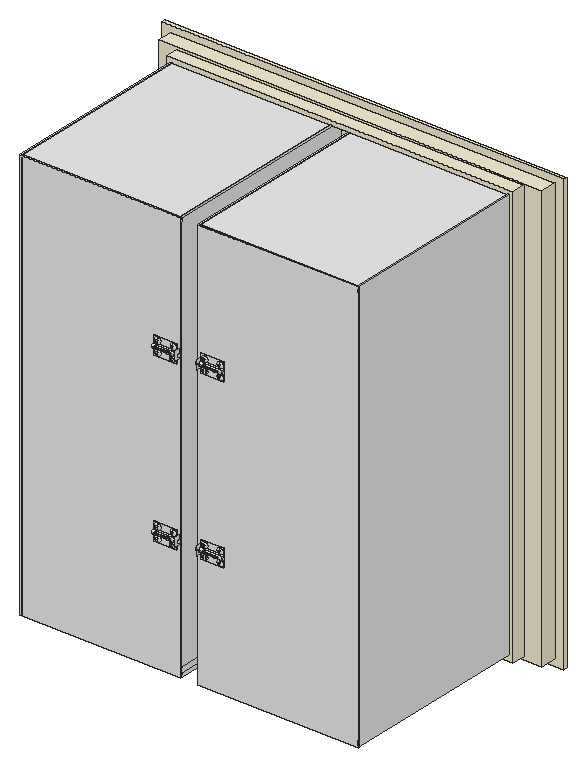
Revit family "Mailboxes_4C-Salsbury_Industries-Rear_Load-9_Door_High_Units", category Specialty Equipment, host Wall, Revit 2016
Family settings
  Host = Wall
  Part Type = Normal
  Round Connector Dimension = Use Diameter
  OmniClass Number = 23.40.90.14.11
  OmniClass Title = Mail Boxes
  Always vertical = Yes
  Cut with Voids When Loaded = No
  Shared = No
  Room Calculation Point = No
Parameters (values of type "3709D-16 RL")
  Width = 31.09766"
  URL = "www.mailboxes.com"
  OmniClass 23 Title = "Mail Boxes"
  OmniClass 23 Number = "23.40.90.14.11"
  Latch Locks-Right Side = yes
  Visible Door Number [instance] = yes
  Vertical Center Divider = yes
  Version = "3.0 (06/30/17)"
  Type Comments = "4C Standard Horizontal Mailbox - Rear Loading"
  Top Back Plate = no
  Right Inside Wall = yes
  Model = "3709D-16 RL"
  MasterFormat Title = "Postal Specialties"
  MasterFormat Number = "10 55 00"
  Manufacturer = "Salsbury Industries"
  Lock Material = Stainless Steel - Salsbury Finish -  Polished
  Left Inside Wall = yes
  Latch Locks-Left Side = yes
  Latch Distance = 9.515"
  Latch Alignment = 14.857"
  Keynote = ""
  Height = 34.000"
  Front Panel Material [instance] = Paint - Salsbury Finish - Sandstone
  Door Slot R9 Number [instance] = "16"
  Door Slot R9 = 3700 Series 4C Door Configurations : MB1 Door w/ Divider
  Door Slot R8 Number [instance] = "15"
  Door Slot R8 = 3700 Series 4C Door Configurations : MB1 Door w/ Divider
  Door Slot R7 Number [instance] = "14"
  Door Slot R7 = 3700 Series 4C Door Configurations : MB1 Door w/ Divider
  Door Slot R6 Number [instance] = "13"
  Door Slot R6 = 3700 Series 4C Door Configurations : MB1 Door w/ Divider
  Door Slot R5 Number [instance] = "0"
  Door Slot R5 = 3700 Series 4C OM2 Configuration : OM2-RL
  Door Slot R4 Number [instance] = "0"
  Door Slot R4 = 3700 Series 4C Door Configurations : Empty
  Door Slot R3 Number [instance] = "12"
  Door Slot R3 = 3700 Series 4C Door Configurations : MB1 Door w/ Divider
  Door Slot R2 Number [instance] = "11"
  Door Slot R2 = 3700 Series 4C Door Configurations : MB1 Door w/ Divider
  Door Slot R1 Number [instance] = "10"
  Door Slot R1 = 3700 Series 4C Door Configurations : MB1 Door
  Door Slot L9 Number [instance] = "9"
  Door Slot L9 = 3700 Series 4C Door Configurations : MB1 Door w/ Divider
  Door Slot L8 Number [instance] = "8"
  Door Slot L8 = 3700 Series 4C Door Configurations : MB1 Door w/ Divider
  Door Slot L7 Number [instance] = "7"
  Door Slot L7 = 3700 Series 4C Door Configurations : MB1 Door w/ Divider
  Door Slot L6 Number [instance] = "6"
  Door Slot L6 = 3700 Series 4C Door Configurations : MB1 Door w/ Divider
  Door Slot L5 Number [instance] = "5"
  Door Slot L5 = 3700 Series 4C Door Configurations : MB1 Door w/ Divider
  Door Slot L4 Number [instance] = "4"
  Door Slot L4 = 3700 Series 4C Door Configurations : MB1 Door w/ Divider
  Door Slot L3 Number [instance] = "3"
  Door Slot L3 = 3700 Series 4C Door Configurations : MB1 Door w/ Divider
  Door Slot L2 Number [instance] = "2"
  Door Slot L2 = 3700 Series 4C Door Configurations : MB1 Door w/ Divider
  Door Slot L1 Number [instance] = "1"
  Door Slot L1 = 3700 Series 4C Door Configurations : MB1 Door
  Description = "9 Door High Unit:  16 MB1, OM2"
  Depth = 17.025"
  Center Extrusion Offset [instance] = 0.000"
  Bottom Back Plate = no
  Back Enclosure Material = Aluminum - Salsbury Finish - Anodized
  Assembly Description = "Mailboxes"
  Assembly Code = "C1030910"
  Above Finished Floor (AFF-Bottom of Unit) [instance] = 26.683"
  Above Finished Floor (AFF-Bottom Shelf) [instance] = 28.000"
Reference planes (in)
  plane 1 "Wall Centerline": y = 0
  plane 2 "Center (Left/Right)": x = 0
  plane 3 "Front": y = 3
  plane 4 "15" AFF": z = 28
  plane 5 "28" AFF": z = 28
  plane 6 "36" AFF": z = 36
  plane 7 "48" AFF": z = 48
  plane 8 "Bottom of Unit": z = 26.683
  plane 9 "Top of Unit": z = 60.683
  plane 10 "Left Side of Unit": x = 15.54883
  plane 11 "Right Side of Unit": x = -15.54883
  plane 12 "28" AFF_Bottom of Unit": z = 26.683
  plane 13 "Top Horiz Trim Align": z = 59.85225
  plane 14 "Bottom Horiz Trim Align": z = 27.515
  plane 15 "Left Trim Align": x = 14.716
  plane 16 "Right Trim Align": x = -14.716
  plane 17 "Left Door Align": x = 14.06641
  plane 18 "Right Door Align": x = -14.06641
  plane 19 "Top Horiz Door Align": z = 59.26125
  plane 20 "Bottom Horiz Door Align": z = 28
  plane 21 "Front Face of Unit": y = 3.265
  plane 22 "Top Housing Align": z = 60.179
  plane 23 "Top Collar Align": z = 60.031
  plane 24 "Top Box Align": z = 59.676
  plane 25 "Vertical Housing Align": y = 1.795
  plane 26 "Vertical Collar Align": y = 0.795
  plane 27 "Back of Unit": y = -13.76
  plane 28 "Bottom Housing Align": z = 27.187
  plane 29 "Bottom Collar Align": z = 27.335
  plane 30 "Bottom Box Align": z = 27.75
  plane 31 "Door Alignment": y = 2.66809
  plane 32 "Right Housing Align": x = -14.84183
  plane 33 "Right Collar Align": x = -13.40883
  plane 34 "Right Box Side Align": x = -13.08083
  plane 35 "Left Housing Align": x = 14.84183
  plane 36 "Left Collar Align": x = 13.40883
  plane 37 "Left Side Box Align": x = 13.08083
  plane 38 "Top Back Plate Align": z = 58.897
  plane 39 "Bottom Back Plate Align": z = 28.499
  plane 40 "Back": y = -3
  plane 41 "RO Left Side": x = 15.17383
  plane 42 "RO Right Side": x = -15.17383
  plane 43 "RO Bottom": z = 27.058
  plane 44 "RO Top": z = 60.308
  plane 45 "Horiz Centerline": z = 42.04237
  plane 46: z = 27.885
  plane 47: x = 12.99983
  plane 48: x = 12.92758
  plane 49 "Center Extrusion": x = 0
  plane 50 "Center Extrusion Offset": x = 0
  plane 51 "Row 9 Top Align": z = 31.5
  plane 52 "Row 8 Top Align": z = 35
  plane 53 "Row 7 Top Align": z = 38.5
  plane 54 "Row 6 Top Align": z = 42
  plane 55 "Row 5 Top Align": z = 45.5
  plane 56 "Row 4 Top Align": z = 49
  plane 57 "Row 3 Top Align": z = 52.5
  plane 58 "Row 2 Top Align": z = 56
  plane 59 "Row 16 Top Align-Private": z = 31.5
  plane 60 "Row 15 Top Align-Private": z = 35
  plane 61 "Row 14 Top Align-Private": z = 38.5
  plane 62 "Row 13 Top Align-Private": z = 42
  plane 63 "Row 12 Top Align-Private": z = 45.5
  plane 64 "Row 11 Top Align-Private": z = 49
  plane 65 "Row 10 Top Align-Private": z = 52.25
  plane 66 "Row 9 Top Align-Private": z = 55.75
  plane 67 "Row 8 Top Align-Private": z = 59.25
  plane 68 "Top of Face Gap": z = 61.25
  plane 69 "Top Latch Align": z = 50.161
  plane 70 "Bottom Latch Align": z = 37.265
  plane 71 "Right Latch Align": x = -0.69183
  plane 72 "Left Latch Align": x = 0.69098
  plane 73 "Latch Alignment Edge": x = -15.54883
  plane 74: x = -12.92783
  plane 75: x = -12.99983
  plane 76: y = -13.84203
  plane 77: x = -2
  plane 78: x = -0.7705
  plane 79: x = 0.7705
  plane 80: x = 2
  plane 81: y = -13.67797
  plane 82: x = -0.69098
  plane 83: x = 0.69183
  plane 84: z = 57.397
  plane 85: z = 29.999
  plane 86: z = 59.31729
  plane 87: z = 28.41625
  plane 88: z = 27.446
  plane 89: z = 28.055
Forms (in)
  Extrusion 1, void
    sketch origin (0, 3, 0) x (1, 0, 0) y (0, 0, 1)
      loop
        line (15.17383, 60.308) -> (-15.17383, 60.308) -> (-15.17383, 27.058) -> (15.17383, 27.058) -> (15.17383, 60.308)
    from 0 to 15.27914
  Extrusion 2, solid, material "Paint - Salsbury Finish - Sandstone" <- "Front Panel Material"
    sketch origin (0, 3, 0) x (1, 0, 0) y (0, 0, 1)
      loop
        line (15.54883, 60.683) -> (-15.54883, 60.683) -> (-15.54883, 26.683) -> (15.54883, 26.683) -> (15.54883, 60.683)
    from -0.265 to 0
  Extrusion 3, void
    sketch origin (0, 3.265, 0.00774) x (0, 0, -1) y (-1, 0, 0)
      loop
        line (-59.84451, -14.716) -> (-27.50726, -14.716) -> (-27.50726, 14.716) -> (-59.84451, 14.716) -> (-59.84451, -14.716)
    from -0.265 to 0
  Extrusion 4, solid, material "Paint - Salsbury Finish - Sandstone" <- "Front Panel Material"
    sketch origin (14.98214, 3.265, -1.67978) x (0, 0, -1) y (-1, 0, 0)
      loop
        line (-61.53203, 29.69814) -> (-61.53203, 29.04855) -> (-29.19478, 29.04855) -> (-29.19478, 29.69814) -> (-61.53203, 29.69814)
    from 0 to -0.265
  Extrusion 5, solid, material "Paint - Salsbury Finish - Sandstone" <- "Front Panel Material"
    sketch origin (0, 3.265, 0) x (0, 0, -1) y (-1, 0, 0)
      loop
        line (-27.515, -14.06641) -> (-27.515, 14.06641) -> (-28, 14.06641) -> (-28, -14.06641) -> (-27.515, -14.06641)
    from -0.265 to 0
  Extrusion 6, solid, material "Paint - Salsbury Finish - Sandstone" <- "Front Panel Material"
    sketch origin (0, 3, 84.08475) x (1, 0, 0) y (0, 0, 1)
      loop
        line (-14.84183, -56.89775) -> (14.84183, -56.89775) -> (14.84183, -23.90575) -> (-14.84183, -23.90575) -> (-14.84183, -56.89775)
    from 0 to 1.205
  Extrusion 7, solid, material "Paint - Salsbury Finish - Sandstone" <- "Front Panel Material"
    sketch origin (0, 1.795, 0) x (0, 0, 1) y (-1, 0, 0)
      loop
        line (27.335, 13.40883) -> (27.335, -13.40883) -> (60.031, -13.40883) -> (60.031, 13.40883) -> (27.335, 13.40883)
    from 0 to 1
  Extrusion 8, void
    sketch origin (0, 1.795, 0) x (0, 0, 1) y (-1, 0, 0)
      loop
        line (59.676, 13.08083) -> (27.75, 13.08083) -> (27.75, -13.08083) -> (59.676, -13.08083) -> (59.676, 13.08083)
    from 0 to 1
  Extrusion 9, solid, material "Paint - Salsbury Finish - Sandstone" <- "Front Panel Material"
    sketch origin (0, 3.265, 0) x (0, 0, -1) y (-1, 0, 0)
      loop
        line (-59.85225, -14.716) -> (-27.515, -14.716) -> (-27.515, -14.06641) -> (-59.85225, -14.06641) -> (-59.85225, -14.716)
    from 0 to -0.265
  Extrusion 10, solid, material "Paint - Salsbury Finish - Sandstone" <- "Front Panel Material"
    sketch origin (0, 3.265, 0) x (0, 0, -1) y (-1, 0, 0)
      loop
        line (-59.85225, -14.06641) -> (-59.26125, -14.06641) -> (-59.26125, 14.06641) -> (-59.85225, 14.06641) -> (-59.85225, -14.06641)
    from -0.265 to 0
  Extrusion 11, void
    sketch origin (0, 1.795, 0) x (0, 0, 1) y (-1, 0, 0)
      loop
        line (60.031, -13.40883) -> (60.031, 13.40883) -> (27.335, 13.40883) -> (27.335, -13.40883) -> (60.031, -13.40883)
    from -1.124 to 0
  Extrusion 12, void
    sketch origin (0, 3, 0) x (1, 0, 0) y (0, 0, 1)
      loop
        line (14.06641, 60.031) -> (-14.06641, 60.031) -> (-14.06641, 27.335) -> (14.06641, 27.335) -> (14.06641, 60.031)
    from 0 to 0.33191
  Extrusion 13, solid, material "Aluminum - Salsbury Finish - Anodized" <- "Back Enclosure Material"
    sketch origin (-0.58189, 1.795, 0) x (0, 0, 1) y (-1, 0, 0)
      loop
        line (59.676, 12.49894) -> (27.75, 12.49894) -> (27.75, 12.41794) -> (59.676, 12.41794) -> (59.676, 12.49894)
    from 0 to 15.47297
  Extrusion 14, solid, material "Aluminum - Salsbury Finish - Anodized" <- "Back Enclosure Material", visible <- "Right Inside Wall"
    sketch origin (11.7675, 1.795, 0) x (0, 0, 1) y (-1, 0, 0)
      loop
        line (59.676, 12.538) -> (27.75, 12.538) -> (27.75, 12.45933) -> (59.676, 12.45933) -> (59.676, 12.538)
    from 0 to 15.47297
  Extrusion 15, solid, material "Aluminum - Salsbury Finish - Anodized" <- "Back Enclosure Material"
    sketch origin (0.54283, 1.795, 0) x (0, 0, 1) y (-1, 0, 0)
      loop
        line (59.676, -12.538) -> (59.676, -12.457) -> (27.75, -12.457) -> (27.75, -12.538) -> (59.676, -12.538)
    from 0 to 15.47297
  Extrusion 16, solid, material "Aluminum - Salsbury Finish - Anodized" <- "Back Enclosure Material", visible <- "Left Inside Wall"
    sketch origin (-11.7675, 1.795, 0) x (0, 0, 1) y (-1, 0, 0)
      loop
        line (59.676, -12.538) -> (59.676, -12.45849) -> (27.75, -12.45849) -> (27.75, -12.538) -> (59.676, -12.538)
    from 0 to 15.47297
  Extrusion 17, solid, material "Aluminum - Salsbury Finish - Anodized" <- "Back Enclosure Material"
    sketch origin (0, -13.76, 0) x (0, 0, 1) y (-1, 0, 0)
      loop
        line (59.676, 13.08083) -> (27.75, 13.08083) -> (27.75, -13.08083) -> (59.676, -13.08083) -> (59.676, 13.08083)
    from -0.08203 to 0
  Extrusion 18, solid, material "Aluminum - Salsbury Finish - Anodized" <- "Back Enclosure Material"
    sketch origin (-0.15625, 0, 59.676) x (0, 1, 0) y (-1, 0, 0)
      loop
        line (1.795, 12.84358) -> (-13.67797, 12.84358) -> (-13.67797, -13.15608) -> (1.795, -13.15608) -> (1.795, 12.84358)
    from -0.35871 to 0
  Extrusion 19, void
    sketch origin (0, 0, 59.676) x (0, 1, 0) y (-1, 0, 0)
      loop
        line (1.7325, 12.93342) -> (-13.61547, 12.93342) -> (-13.61547, -12.92758) -> (1.7325, -12.92758) -> (1.7325, 12.93342)
    from -0.0723 to -0.6459
  Extrusion 20, solid, material "Aluminum - Salsbury Finish - Anodized" <- "Back Enclosure Material"
    sketch origin (0, 0, 15.41625) x (1, 0, 0) y (0, 1, 0)
      loop
        line (-12.99983, 1.795) -> (-12.99983, -13.67797) -> (12.99983, -13.67797) -> (12.99983, 1.795) -> (-12.99983, 1.795)
    from 12.46875 to 13
  Extrusion 21, void
    sketch origin (0, 0, 27.91625) x (1, 0, 0) y (0, 1, 0)
      loop
        line (-12.93342, 1.7325) -> (-12.93342, -13.61547) -> (12.92758, -13.61547) -> (12.92758, 1.7325) -> (-12.93342, 1.7325)
    from 0.13875 to -0.47025
  Extrusion 22, solid, material "Aluminum - Salsbury Finish - Anodized" <- "Back Enclosure Material", visible <- "Top Back Plate", detail levels medium+fine
    sketch origin (0, -13.76, 0) x (0, 0, 1) y (-1, 0, 0)
      loop
        line (58.897, 2) -> (57.397, 2) -> (57.397, -2) -> (58.897, -2) -> (58.897, 2)
    from 0 to 0.08203
  Extrusion 23, solid, material "Aluminum - Salsbury Finish - Anodized" <- "Back Enclosure Material", visible <- "Bottom Back Plate", detail levels medium+fine
    sketch origin (0, -13.76, 84.11475) x (0, 0, -1) y (1, 0, 0)
      loop
        line (55.61575, -2) -> (55.61575, 2) -> (54.11575, 2) -> (54.11575, -2) -> (55.61575, -2)
    from 0 to 0.08203
  Extrusion 24, void
    sketch origin (0, 0, 0) x (0, 0, -1) y (0, 1, 0)
      loop
        line (-59.676, 1.795) -> (-59.676, -13.76) -> (-27.75, -13.76) -> (-27.75, 1.795) -> (-27.515, 1.795) -> (-27.515, 3.265) -> (-59.85225, 3.265) -> (-59.85225, 1.795) -> (-59.676, 1.795)
    from -0.69098 to 0.69183
  Extrusion 25, solid, material "Paint - Salsbury Finish - Sandstone" <- "Front Panel Material", visible <- "Vertical Center Divider"
    sketch origin (-0.77934, 3.265, 0) x (0, 0, -1) y (-1, 0, 0)
      loop
        line (-59.85225, -1.47033) -> (-27.515, -1.47033) -> (-27.515, -0.08752) -> (-59.85225, -0.08752) -> (-59.85225, -1.47033)
    from 0 to -1.47
Cuts and joins
  Extrusion 3, Extrusion 11, Extrusion 24 cuts Extrusion 2
  Extrusion 8, Extrusion 11, Extrusion 12, Extrusion 24 cuts Extrusion 5
  Extrusion 8, Extrusion 12, Extrusion 19, Extrusion 24 cuts Extrusion 7
  Extrusion 11, Extrusion 12, Extrusion 24 cuts Extrusion 10
  Extrusion 11, Extrusion 12 cuts Extrusion 6
  Extrusion 12 cuts Extrusion 4
  Extrusion 12 cuts Extrusion 9
  Extrusion 19, Extrusion 21, Extrusion 24 cuts Extrusion 18
  Extrusion 21, Extrusion 24 cuts Extrusion 20
  Extrusion 24 cuts Extrusion 17
  Extrusion 24 cuts Extrusion 22
  Extrusion 24 cuts Extrusion 23
Lines and regions (in)
  model lines
    curve 1: line (15.54883, 3.265, 60.683) -> (14.716, 3.265, 59.85225)
    curve 2: line (-15.54883, 3.265, 60.683) -> (-14.716, 3.265, 59.85225)
    curve 3: line (-15.54883, 3.265, 26.683) -> (-14.716, 3.265, 27.515)
    curve 4: line (15.54883, 3.265, 26.683) -> (14.716, 3.265, 27.515)
  reference lines
    curve 5: line (-14.06641, 2.66809, 26.683) -> (-14.06641, 2.66809, 60.683)
    curve 6: line (14.06641, 2.66809, 26.683) -> (14.06641, 2.66809, 60.683)
  symbolic lines
    curve 7: line (-13.08083, -13.76, 28) -> (13.08083, -13.76, 28)
    curve 8: line (-13.08083, 0.795, 28) -> (-13.08083, -13.76, 28)
    curve 9: line (13.40883, 0.795, 28) -> (-13.40883, 0.795, 28)
    curve 10: line (13.08083, -13.76, 28) -> (13.08083, 0.795, 28)
    curve 11: line (13.40883, 0.795, 28) -> (13.40883, 1.795, 28)
    curve 12: line (-13.40883, 0.795, 28) -> (-13.40883, 1.795, 28)
    curve 13: line (-14.84183, 3, 28) -> (-14.84183, 1.795, 28)
    curve 14: line (-14.84183, 1.795, 28) -> (14.84183, 1.795, 28)
    curve 15: line (14.84183, 1.795, 28) -> (14.84183, 3, 28)
    curve 16: line (-15.54883, 3.265, 28) -> (15.54883, 3.265, 28)
    curve 17: line (-15.54883, 3, 28) -> (-15.54883, 3.265, 28)
    curve 18: line (15.54883, 3, 28) -> (-15.54883, 3, 28)
    curve 19: line (15.54883, 3.265, 28) -> (15.54883, 3, 28)
    curve 20: line (-14.06641, 3.265, 28) -> (-14.06641, 4.43, 28)
    curve 21: line (-14.06641, 4.43, 28) -> (-0.69183, 4.43, 28)
    curve 22: line (-0.69183, 4.43, 28) -> (-0.69183, 3.265, 28)
Text (in)
  text "Placement Side" at (0, 40.15149, 123.01588), in view "Right"
  text "Placement Side" at (-58.6842, 42.74981, 0), in view "Ref. Level"
  text "Placement Side" at (0, 47.49176, 140.59947), in view "Left"
Dimensions and locks (in)
  locked: plane 3 "Front" to host wall
  "Above Finished Floor (AFF-Bottom Shelf)": level to plane 4 "15" AFF"
  locked: level to plane 5 "28" AFF" at 28
  locked: level to plane 6 "36" AFF" at 36
  locked: level to plane 7 "48" AFF" at 48
  equal spacing: plane 11 "Right Side of Unit", plane 2 "Center (Left/Right)", plane 10 "Left Side of Unit"
  plane 8 "Bottom of Unit" to plane 4 "15" AFF" = 1.317"
  "Width": plane 11 "Right Side of Unit" to plane 10 "Left Side of Unit"
  "Height": plane 8 "Bottom of Unit" to plane 9 "Top of Unit"
  plane 12 "28" AFF_Bottom of Unit" to plane 5 "28" AFF" = 1.317"
  locked: plane 15 "Left Trim Align" to plane 10 "Left Side of Unit" at 0.83283
  locked: plane 16 "Right Trim Align" to plane 11 "Right Side of Unit" at 0.83283
  locked: plane 13 "Top Horiz Trim Align" to plane 9 "Top of Unit" at 0.83075
  locked: plane 8 "Bottom of Unit" to plane 14 "Bottom Horiz Trim Align" at 0.832
  plane 17 "Left Door Align" to plane 15 "Left Trim Align" = 0.64959"
  plane 18 "Right Door Align" to plane 16 "Right Trim Align" = 0.64959"
  locked: plane 19 "Top Horiz Door Align" to plane 13 "Top Horiz Trim Align" at 0.591
  locked: plane 14 "Bottom Horiz Trim Align" to plane 20 "Bottom Horiz Door Align" at 0.485
  plane 20 "Bottom Horiz Door Align" to level = 28.000"
  plane 5 "28" AFF" to level = 28.000"
  plane 6 "36" AFF" to level = 36.000"
  plane 7 "48" AFF" to level = 48.000"
  plane 9 "Top of Unit" to plane 8 "Bottom of Unit" = 34.000"
  plane 21 "Front Face of Unit" to host wall = 0.265"
  locked: host wall to plane 25 "Vertical Housing Align" at 1.205
  locked: plane 25 "Vertical Housing Align" to plane 26 "Vertical Collar Align" at 1
  plane 25 "Vertical Housing Align" to plane 27 "Back of Unit" = 15.555"
  "Depth": plane 21 "Front Face of Unit" to plane 27 "Back of Unit"
  locked: plane 9 "Top of Unit" to plane 22 "Top Housing Align" at 0.504
  locked: plane 22 "Top Housing Align" to plane 23 "Top Collar Align" at 0.148
  locked: plane 23 "Top Collar Align" to plane 24 "Top Box Align" at 0.355
  locked: plane 28 "Bottom Housing Align" to plane 8 "Bottom of Unit" at 0.504
  locked: plane 29 "Bottom Collar Align" to plane 28 "Bottom Housing Align" at 0.148
  locked: plane 30 "Bottom Box Align" to plane 29 "Bottom Collar Align" at 0.415
  plane 24 "Top Box Align" to plane 30 "Bottom Box Align" = 31.926"  (x2)
  locked: plane 21 "Front Face of Unit" to plane 31 "Door Alignment" at 0.59691
  plane 11 "Right Side of Unit" to plane 32 "Right Housing Align" to plane 33 "Right Collar Align" to plane 34 "Right Box Side Align" = 0.707" locked, 1.433" locked, 0.328" locked
  plane 37 "Left Side Box Align" to plane 36 "Left Collar Align" to plane 35 "Left Housing Align" to plane 10 "Left Side of Unit" = 0.328" locked, 1.433" locked, 0.707" locked
  plane 11 "Right Side of Unit" to plane 32 "Right Housing Align" to plane 33 "Right Collar Align" to plane 34 "Right Box Side Align" = 0.707", 1.433", 0.328"
  plane 37 "Left Side Box Align" to plane 36 "Left Collar Align" to plane 35 "Left Housing Align" to plane 10 "Left Side of Unit" = 0.328", 1.433", 0.707"
  plane 9 "Top of Unit" to plane 24 "Top Box Align" = 1.007"
  plane 30 "Bottom Box Align" to plane 8 "Bottom of Unit" = 1.067"
  locked: plane 24 "Top Box Align" to plane 38 "Top Back Plate Align" at 0.779
  locked: plane 39 "Bottom Back Plate Align" to plane 30 "Bottom Box Align" at 0.749
  locked: plane 41 "RO Left Side" to plane 10 "Left Side of Unit" at 0.375
  locked: plane 42 "RO Right Side" to plane 11 "Right Side of Unit" at 0.375
  locked: plane 8 "Bottom of Unit" to plane 43 "RO Bottom" at 0.375
  locked: plane 44 "RO Top" to plane 9 "Top of Unit" at 0.375
  Extrusion 13 to Extrusion 13 = 0.081"
  plane 46 to plane 30 "Bottom Box Align" = 0.135"
  Extrusion 15 to Extrusion 15 = 0.081"
  plane 47 to plane 37 "Left Side Box Align" = 0.081"
  plane 48 to plane 47 = 0.07225"
  plane 18 "Right Door Align" to plane 17 "Left Door Align" = 28.13281"
  "Center Extrusion Offset": plane 49 "Center Extrusion" to plane 50 "Center Extrusion Offset"
  plane 20 "Bottom Horiz Door Align" to plane 51 "Row 9 Top Align" to plane 52 "Row 8 Top Align" to plane 53 "Row 7 Top Align" to plane 54 "Row 6 Top Align" to plane 55 "Row 5 Top Align" to plane 56 "Row 4 Top Align" to plane 57 "Row 3 Top Align" to plane 58 "Row 2 Top Align" = 3.500", 3.500" locked, 3.500" locked, 3.500" locked, 3.500" locked, 3.500" locked, 3.500" locked, 3.500" locked
  plane 4 "15" AFF" to plane 59 "Row 16 Top Align-Private" = 3.500"
  plane 59 "Row 16 Top Align-Private" to plane 60 "Row 15 Top Align-Private" to plane 61 "Row 14 Top Align-Private" to plane 62 "Row 13 Top Align-Private" to plane 63 "Row 12 Top Align-Private" to plane 64 "Row 11 Top Align-Private" to plane 65 "Row 10 Top Align-Private" to plane 66 "Row 9 Top Align-Private" to plane 67 "Row 8 Top Align-Private" = 3.500" locked, 3.500" locked, 3.500" locked, 3.500" locked, 3.500" locked, 3.250" locked, 3.500" locked, 3.500" locked
  locked: plane 67 "Row 8 Top Align-Private" to plane 68 "Top of Face Gap" at 2
  "Above Finished Floor (AFF-Bottom of Unit)": level to plane 8 "Bottom of Unit"
  locked: plane 71 "Right Latch Align" to plane 72 "Left Latch Align" at 1.38281
  "Latch Distance": plane 24 "Top Box Align" to plane 69 "Top Latch Align"
  "Latch Distance": plane 70 "Bottom Latch Align" to plane 30 "Bottom Box Align"
  "Latch Alignment": plane 73 "Latch Alignment Edge" to plane 71 "Right Latch Align"
  curve 15 to curve 19 = 0.707"
  plane 34 "Right Box Side Align" to plane 75 to plane 74 = 0.081", 0.072"
  plane 76 to plane 27 "Back of Unit" = 0.08203"
  plane 27 "Back of Unit" to plane 81 = 0.08203"
  cut or joined group of Extrusion 6, Extrusion 11, Extrusion 12 to Extrusion 25 = 32.66525"
  plane 77 to plane 78 to plane 71 "Right Latch Align" to plane 50 "Center Extrusion Offset" = 1.2295", 0.07867", 0.69183"
  plane 50 "Center Extrusion Offset" to plane 72 "Left Latch Align" to plane 79 to plane 80 = 0.69098", 0.07952", 1.2295"
  plane 82 to plane 49 "Center Extrusion" to plane 83 = 0.69098" locked, 0.69183" locked
  plane 11 "Right Side of Unit" to Extrusion 2 = 31.09766"
  plane 10 "Left Side of Unit" to Extrusion 6 = 30.39066"
  plane 38 "Top Back Plate Align" to plane 84 = 1.500"
  plane 85 to plane 39 "Bottom Back Plate Align" = 1.500"
  plane 4 "15" AFF" to Extrusion 13 = 31.676"
  plane 4 "15" AFF" to Extrusion 14 = 31.676"
  Extrusion 14 to Extrusion 16 = 31.926"
  Extrusion 16 to Extrusion 15 = 31.926"
  locked: plane 86 to plane 24 "Top Box Align" at 0.35871
  plane 14 "Bottom Horiz Trim Align" to plane 87 = 0.90125"
  plane 88 to plane 30 "Bottom Box Align" to plane 89 = 0.304" locked, 0.305" locked
  aligned and locked: plane 8 "Bottom of Unit" to Extrusion 2 sketch curve
  aligned and locked: plane 10 "Left Side of Unit" to Extrusion 2 sketch curve
  aligned and locked: Extrusion 2 sketch curve to plane 11 "Right Side of Unit"
  aligned and locked: Extrusion 2 sketch curve to plane 9 "Top of Unit"
  aligned and locked: plane 21 "Front Face of Unit" to Extrusion 2
  aligned and locked: Extrusion 4 to plane 16 "Right Trim Align"
  aligned and locked: plane 18 "Right Door Align" to Extrusion 4
  aligned and locked: plane 13 "Top Horiz Trim Align" to Extrusion 4
  aligned and locked: Extrusion 5 to plane 14 "Bottom Horiz Trim Align"
  aligned and locked: Extrusion 5 to plane 17 "Left Door Align"
  aligned and locked: plane 20 "Bottom Horiz Door Align" to Extrusion 5
  aligned and locked: Extrusion 5 to plane 18 "Right Door Align"
  aligned and locked: plane 34 "Right Box Side Align" to Extrusion 17 sketch curve
  aligned and locked: Extrusion 17 sketch curve to plane 24 "Top Box Align"
  aligned and locked: Extrusion 17 sketch curve to plane 37 "Left Side Box Align"
  aligned and locked: plane 30 "Bottom Box Align" to Extrusion 17 sketch curve
  aligned and locked: plane 25 "Vertical Housing Align" to Extrusion 18 sketch curve
  aligned and locked: Extrusion 18 sketch curve to plane 47
  aligned and locked: plane 48 to Extrusion 19
  aligned and locked: plane 47 to cut or joined group of Extrusion 18, Extrusion 19, Extrusion 21, Extrusion 24
  aligned and locked: plane 25 "Vertical Housing Align" to Extrusion 20 sketch curve
  aligned and locked: Extrusion 20 sketch curve to plane 47
  aligned and locked: plane 48 to cut or joined group of Extrusion 20, Extrusion 21, Extrusion 24
  aligned and locked: plane 17 "Left Door Align" to cut or joined group of Extrusion 9, Extrusion 12
  aligned and locked: plane 25 "Vertical Housing Align" to Extrusion 25
  aligned and locked: plane 21 "Front Face of Unit" to Extrusion 25
  aligned and locked: nested 1 to plane 58 "Row 2 Top Align"
  aligned and locked: nested 2 to plane 57 "Row 3 Top Align"
  aligned and locked: nested 10 to plane 17 "Left Door Align"
  aligned and locked: nested 10 to plane 58 "Row 2 Top Align"
  aligned and locked: plane 31 "Door Alignment" to nested 10  (x2)
  aligned and locked: nested 11 to plane 17 "Left Door Align"
  aligned and locked: nested 11 to plane 57 "Row 3 Top Align"
  aligned and locked: plane 31 "Door Alignment" to nested 11  (x2)
  aligned and locked: nested 16 to plane 17 "Left Door Align"
  aligned and locked: nested 16 to plane 52 "Row 8 Top Align"
  aligned and locked: plane 31 "Door Alignment" to nested 16
  aligned and locked: nested 17 to plane 17 "Left Door Align"
  aligned and locked: nested 17 to plane 51 "Row 9 Top Align"
  aligned and locked: plane 31 "Door Alignment" to nested 17  (x2)
  aligned and locked: nested 9 to curve 5
  aligned and locked: nested 8 to curve 5
  aligned and locked: nested 7 to curve 5
  aligned and locked: nested 6 to curve 5
  aligned and locked: nested 5 to curve 5
  aligned and locked: nested 3 to curve 5
  aligned and locked: nested 18 to curve 6
  aligned and locked: nested 17 to curve 6
  aligned and locked: nested 16 to curve 6
  aligned and locked: nested 15 to curve 6
  aligned and locked: nested 14 to curve 6
  aligned and locked: nested 13 to curve 6
  aligned and locked: nested 12 to curve 6
  aligned and locked: nested 11 to curve 6
  aligned and locked: nested 10 to curve 6
  aligned and locked: plane 31 "Door Alignment" to nested 6
  aligned and locked: plane 31 "Door Alignment" to nested 9
  aligned and locked: plane 31 "Door Alignment" to nested 8
  aligned and locked: plane 31 "Door Alignment" to nested 15
  aligned and locked: plane 31 "Door Alignment" to nested 5
  aligned and locked: plane 31 "Door Alignment" to nested 3
  aligned and locked: plane 31 "Door Alignment" to nested 12
  aligned and locked: plane 31 "Door Alignment" to nested 14
  aligned and locked: plane 31 "Door Alignment" to nested 2
  aligned and locked: plane 31 "Door Alignment" to nested 4
  aligned and locked: nested 1 to curve 5
  aligned and locked: nested 2 to curve 5
  aligned and locked: nested 4 to curve 5
  aligned and locked: plane 31 "Door Alignment" to nested 1
  aligned and locked: plane 31 "Door Alignment" to nested 7
  aligned and locked: plane 70 "Bottom Latch Align" to nested 19
  aligned and locked: plane 69 "Top Latch Align" to nested 20
  aligned and locked: plane 71 "Right Latch Align" to nested 20
  aligned and locked: plane 71 "Right Latch Align" to nested 19
  aligned and locked: plane 11 "Right Side of Unit" to plane 73 "Latch Alignment Edge"
  aligned and locked: nested 19 to plane 27 "Back of Unit"
  aligned and locked: nested 20 to plane 27 "Back of Unit"
  aligned and locked: plane 37 "Left Side Box Align" to curve 10
  aligned and locked: plane 27 "Back of Unit" to curve 7
  aligned and locked: curve 8 to plane 34 "Right Box Side Align"
  aligned and locked: curve 9 to plane 26 "Vertical Collar Align"
  aligned and locked: curve 13 to cut or joined group of Extrusion 6, Extrusion 11, Extrusion 12
  aligned and locked: curve 14 to cut or joined group of Extrusion 6, Extrusion 11, Extrusion 12
  aligned and locked: curve 15 to cut or joined group of Extrusion 6, Extrusion 11, Extrusion 12
  aligned and locked: nested 1 to curve 20
  aligned and locked: plane 71 "Right Latch Align" to curve 22
  aligned and locked: plane 21 "Front Face of Unit" to cut or joined group of Extrusion 2, Extrusion 3, Extrusion 11, Extrusion 24
  aligned and locked: plane 3 "Front" to cut or joined group of Extrusion 2, Extrusion 3, Extrusion 11, Extrusion 24
  aligned and locked: plane 35 "Left Housing Align" to cut or joined group of Extrusion 6, Extrusion 11, Extrusion 12  (x2)
  aligned and locked: plane 25 "Vertical Housing Align" to cut or joined group of Extrusion 6, Extrusion 11, Extrusion 12
  aligned and locked: cut or joined group of Extrusion 6, Extrusion 11, Extrusion 12 to plane 3 "Front"
  aligned and locked: cut or joined group of Extrusion 6, Extrusion 11, Extrusion 12 to plane 32 "Right Housing Align"
  aligned and locked: plane 26 "Vertical Collar Align" to cut or joined group of Extrusion 7, Extrusion 8, Extrusion 12, Extrusion 19, Extrusion 24
  aligned and locked: cut or joined group of Extrusion 7, Extrusion 8, Extrusion 12, Extrusion 19, Extrusion 24 to plane 33 "Right Collar Align"
  aligned and locked: cut or joined group of Extrusion 7, Extrusion 8, Extrusion 12, Extrusion 19, Extrusion 24 to plane 25 "Vertical Housing Align"
  aligned and locked: plane 36 "Left Collar Align" to cut or joined group of Extrusion 7, Extrusion 8, Extrusion 12, Extrusion 19, Extrusion 24
  aligned and locked: plane 37 "Left Side Box Align" to Extrusion 15
  aligned and locked: Extrusion 15 to plane 47  (x2)
  aligned and locked: plane 27 "Back of Unit" to cut or joined group of Extrusion 17, Extrusion 24
  aligned and locked: Extrusion 13 to plane 34 "Right Box Side Align"
  aligned and locked: plane 37 "Left Side Box Align" to cut or joined group of Extrusion 17, Extrusion 24
  aligned and locked: plane 75 to Extrusion 13
  aligned and locked: cut or joined group of Extrusion 18, Extrusion 19, Extrusion 21, Extrusion 24 to plane 75
  aligned and locked: plane 76 to cut or joined group of Extrusion 22, Extrusion 24
  aligned and locked: plane 76 to cut or joined group of Extrusion 23, Extrusion 24
  aligned and locked: cut or joined group of Extrusion 22, Extrusion 24 to plane 27 "Back of Unit"
  aligned and locked: cut or joined group of Extrusion 23, Extrusion 24 to plane 27 "Back of Unit"
  aligned and locked: plane 79 to Extrusion 16
  aligned and locked: Extrusion 14 to plane 78
  aligned and locked: plane 80 to cut or joined group of Extrusion 22, Extrusion 24
  aligned and locked: plane 77 to cut or joined group of Extrusion 22, Extrusion 24  (x2)
  aligned and locked: plane 77 to cut or joined group of Extrusion 23, Extrusion 24  (x2)
  aligned and locked: cut or joined group of Extrusion 23, Extrusion 24 to plane 80  (x2)
  aligned and locked: plane 81 to cut or joined group of Extrusion 17, Extrusion 24
  aligned and locked: plane 81 to cut or joined group of Extrusion 18, Extrusion 19, Extrusion 21, Extrusion 24
  aligned and locked: Extrusion 15 to plane 25 "Vertical Housing Align"
  aligned and locked: Extrusion 16 to plane 25 "Vertical Housing Align"
  aligned and locked: Extrusion 14 to plane 25 "Vertical Housing Align"
  aligned and locked: Extrusion 13 to plane 25 "Vertical Housing Align"
  aligned and locked: plane 81 to Extrusion 15
  aligned and locked: plane 81 to Extrusion 16
  aligned and locked: plane 81 to Extrusion 14
  aligned and locked: plane 81 to Extrusion 13
  aligned and locked: Extrusion 14 to plane 71 "Right Latch Align"
  aligned and locked: plane 13 "Top Horiz Trim Align" to cut or joined group of Extrusion 9, Extrusion 12
  aligned and locked: cut or joined group of Extrusion 9, Extrusion 12 to plane 15 "Left Trim Align"
  aligned and locked: cut or joined group of Extrusion 9, Extrusion 12 to plane 14 "Bottom Horiz Trim Align"
  aligned and locked: cut or joined group of Extrusion 4, Extrusion 12 to plane 14 "Bottom Horiz Trim Align"
  aligned and locked: cut or joined group of Extrusion 10, Extrusion 11, Extrusion 12, Extrusion 24 to plane 17 "Left Door Align"
  aligned and locked: cut or joined group of Extrusion 10, Extrusion 11, Extrusion 12, Extrusion 24 to plane 18 "Right Door Align"
  aligned and locked: cut or joined group of Extrusion 10, Extrusion 11, Extrusion 12, Extrusion 24 to plane 19 "Top Horiz Door Align"
  aligned and locked: plane 13 "Top Horiz Trim Align" to cut or joined group of Extrusion 10, Extrusion 11, Extrusion 12, Extrusion 24
  aligned and locked: plane 21 "Front Face of Unit" to cut or joined group of Extrusion 9, Extrusion 12
  aligned and locked: plane 3 "Front" to cut or joined group of Extrusion 9, Extrusion 12
  aligned and locked: plane 21 "Front Face of Unit" to cut or joined group of Extrusion 4, Extrusion 12
  aligned and locked: plane 3 "Front" to cut or joined group of Extrusion 4, Extrusion 12
  aligned and locked: plane 13 "Top Horiz Trim Align" to Extrusion 25
  aligned and locked: Extrusion 25 to plane 14 "Bottom Horiz Trim Align"
  aligned and locked: plane 71 "Right Latch Align" to Extrusion 25
  aligned and locked: Extrusion 25 to plane 72 "Left Latch Align"
  aligned and locked: plane 72 "Left Latch Align" to Extrusion 16
  aligned and locked: plane 82 to Extrusion 24
  aligned and locked: plane 83 to Extrusion 24
  aligned and locked: plane 27 "Back of Unit" to Extrusion 24
  aligned and locked: plane 21 "Front Face of Unit" to Extrusion 24
  aligned and locked: nested 19 to plane 71 "Right Latch Align"
  aligned and locked: nested 20 to plane 71 "Right Latch Align"
  aligned and locked: plane 9 "Top of Unit" to curve 5
  aligned and locked: plane 8 "Bottom of Unit" to curve 5
  aligned and locked: plane 8 "Bottom of Unit" to curve 6
  aligned and locked: curve 6 to plane 17 "Left Door Align"
  aligned and locked: plane 22 "Top Housing Align" to cut or joined group of Extrusion 6, Extrusion 11, Extrusion 12
  aligned and locked: plane 28 "Bottom Housing Align" to cut or joined group of Extrusion 6, Extrusion 11, Extrusion 12
  aligned and locked: cut or joined group of Extrusion 7, Extrusion 8, Extrusion 12, Extrusion 19, Extrusion 24 to plane 29 "Bottom Collar Align"
  aligned and locked: plane 23 "Top Collar Align" to cut or joined group of Extrusion 7, Extrusion 8, Extrusion 12, Extrusion 19, Extrusion 24
  aligned and locked: plane 10 "Left Side of Unit" to curve 1
  aligned and locked: plane 9 "Top of Unit" to curve 1
  aligned and locked: plane 15 "Left Trim Align" to curve 1
  aligned and locked: plane 13 "Top Horiz Trim Align" to curve 1
  aligned and locked: plane 11 "Right Side of Unit" to curve 2
  aligned and locked: plane 9 "Top of Unit" to curve 2
  aligned and locked: plane 16 "Right Trim Align" to curve 2
  aligned and locked: plane 13 "Top Horiz Trim Align" to curve 2
  aligned and locked: plane 10 "Left Side of Unit" to curve 4
  aligned and locked: plane 8 "Bottom of Unit" to curve 4
  aligned and locked: plane 15 "Left Trim Align" to curve 4
  aligned and locked: plane 14 "Bottom Horiz Trim Align" to curve 4
  aligned and locked: plane 8 "Bottom of Unit" to curve 3
  aligned and locked: plane 11 "Right Side of Unit" to curve 3
  aligned and locked: plane 16 "Right Trim Align" to curve 3
  aligned and locked: plane 14 "Bottom Horiz Trim Align" to curve 3
  aligned and locked: cut or joined group of Extrusion 22, Extrusion 24 to plane 38 "Top Back Plate Align"
  aligned and locked: cut or joined group of Extrusion 22, Extrusion 24 to plane 80
  aligned and locked: plane 84 to cut or joined group of Extrusion 22, Extrusion 24
  aligned and locked: cut or joined group of Extrusion 23, Extrusion 24 to plane 39 "Bottom Back Plate Align"
  aligned and locked: plane 85 to cut or joined group of Extrusion 23, Extrusion 24
  aligned and locked: plane 24 "Top Box Align" to Extrusion 13
  aligned and locked: Extrusion 13 to plane 30 "Bottom Box Align"
  aligned and locked: plane 24 "Top Box Align" to Extrusion 14
  aligned and locked: Extrusion 14 to plane 30 "Bottom Box Align"
  aligned and locked: Extrusion 16 to plane 30 "Bottom Box Align"
  aligned and locked: plane 24 "Top Box Align" to Extrusion 16
  aligned and locked: plane 24 "Top Box Align" to Extrusion 15
  aligned and locked: Extrusion 15 to plane 30 "Bottom Box Align"
  aligned and locked: plane 24 "Top Box Align" to cut or joined group of Extrusion 18, Extrusion 19, Extrusion 21, Extrusion 24
  aligned and locked: plane 86 to cut or joined group of Extrusion 18, Extrusion 19, Extrusion 21, Extrusion 24
  aligned and locked: cut or joined group of Extrusion 20, Extrusion 21, Extrusion 24 to plane 46
  aligned and locked: plane 87 to cut or joined group of Extrusion 20, Extrusion 21, Extrusion 24
  aligned and locked: plane 81 to cut or joined group of Extrusion 20, Extrusion 21, Extrusion 24
  aligned and locked: cut or joined group of Extrusion 20, Extrusion 21, Extrusion 24 to plane 75
  aligned and locked: plane 21 "Front Face of Unit" to cut or joined group of Extrusion 5, Extrusion 8, Extrusion 11, Extrusion 12, Extrusion 24
  aligned and locked: plane 3 "Front" to cut or joined group of Extrusion 5, Extrusion 8, Extrusion 11, Extrusion 12, Extrusion 24
  aligned and locked: plane 21 "Front Face of Unit" to cut or joined group of Extrusion 10, Extrusion 11, Extrusion 12, Extrusion 24
  aligned and locked: plane 3 "Front" to cut or joined group of Extrusion 10, Extrusion 11, Extrusion 12, Extrusion 24
  aligned and locked: plane 51 "Row 9 Top Align" to nested 8
  aligned and locked: plane 53 "Row 7 Top Align" to nested 15
  aligned and locked: plane 53 "Row 7 Top Align" to nested 6
  aligned and locked: plane 54 "Row 6 Top Align" to nested 5
  aligned and locked: plane 56 "Row 4 Top Align" to nested 3
  aligned and locked: plane 56 "Row 4 Top Align" to nested 12
  aligned and locked: plane 52 "Row 8 Top Align" to nested 7
  aligned and locked: plane 55 "Row 5 Top Align" to nested 4
  aligned and locked: plane 54 "Row 6 Top Align" to nested 14
  aligned and locked: plane 31 "Door Alignment" to nested 18
  aligned and locked: plane 20 "Bottom Horiz Door Align" to nested 9
  aligned and locked: plane 20 "Bottom Horiz Door Align" to nested 18
  aligned and locked: plane 55 "Row 5 Top Align" to nested 13
  aligned and locked: plane 31 "Door Alignment" to nested 13
  aligned and locked: Extrusion 21 to plane 89
  aligned and locked: plane 88 to Extrusion 21
  aligned and locked: plane 70 "Bottom Latch Align" to nested 22
  aligned and locked: plane 69 "Top Latch Align" to nested 21
  aligned and locked: plane 72 "Left Latch Align" to nested 22
  aligned and locked: plane 72 "Left Latch Align" to nested 21
Automatic sketch dimensions
  Extrusion 1 sketch curve to plane 42 "RO Right Side" = 0.000"
  plane 41 "RO Left Side" to Extrusion 1 sketch curve = 0.000"
  Extrusion 1 sketch curve to plane 43 "RO Bottom" = 0.000"
  Extrusion 1 sketch curve to plane 44 "RO Top" = 0.000"
  Extrusion 6 sketch curve to plane 22 "Top Housing Align" = 0.000"
  plane 32 "Right Housing Align" to Extrusion 6 sketch curve = 0.000"
  Extrusion 6 sketch curve to plane 35 "Left Housing Align" = 0.000"
  Extrusion 6 sketch curve to plane 28 "Bottom Housing Align" = 0.000"
  Extrusion 7 sketch curve to plane 29 "Bottom Collar Align" = 0.000"
  plane 23 "Top Collar Align" to Extrusion 7 sketch curve = 0.000"
  plane 36 "Left Collar Align" to Extrusion 7 sketch curve = 0.000"
  Extrusion 7 sketch curve to plane 33 "Right Collar Align" = 0.000"
  Extrusion 8 sketch curve to plane 30 "Bottom Box Align" = 0.000"
  Extrusion 8 sketch curve to plane 24 "Top Box Align" = 0.000"
  Extrusion 8 sketch curve to plane 37 "Left Side Box Align" = 0.000"
  plane 34 "Right Box Side Align" to Extrusion 8 sketch curve = 0.000"
  Extrusion 11 sketch curve to plane 29 "Bottom Collar Align" = 0.000"
  Extrusion 11 sketch curve to plane 23 "Top Collar Align" = 0.000"
  plane 36 "Left Collar Align" to Extrusion 11 sketch curve = 0.000"
  plane 33 "Right Collar Align" to Extrusion 11 sketch curve = 0.000"
  Extrusion 13 sketch curve to plane 30 "Bottom Box Align" = 0.000"
  plane 24 "Top Box Align" to Extrusion 13 sketch curve = 0.000"
  Extrusion 13 sketch curve to plane 34 "Right Box Side Align" = 0.000"
  Extrusion 13 sketch curve to Extrusion 13 sketch curve = 0.081"
  plane 30 "Bottom Box Align" to Extrusion 15 sketch curve = 0.000"
  Extrusion 15 sketch curve to plane 24 "Top Box Align" = 0.000"
  plane 37 "Left Side Box Align" to Extrusion 15 sketch curve = 0.000"
  plane 37 "Left Side Box Align" to Extrusion 15 sketch curve = 0.081"
  Extrusion 18 sketch curve to plane 27 "Back of Unit" = 0.08203"
  plane 34 "Right Box Side Align" to Extrusion 18 sketch curve = 0.081"
  plane 34 "Right Box Side Align" to Extrusion 20 sketch curve = 0.081"
  Extrusion 20 sketch curve to plane 27 "Back of Unit" = 0.08203"
  Extrusion 3 sketch curve to plane 13 "Top Horiz Trim Align" = 0.000"
  Extrusion 3 sketch curve to plane 14 "Bottom Horiz Trim Align" = 0.000"
  plane 15 "Left Trim Align" to Extrusion 3 sketch curve = 0.000"
  Extrusion 3 sketch curve to plane 16 "Right Trim Align" = 0.000"
  Extrusion 4 sketch curve to plane 13 "Top Horiz Trim Align" = 0.000"
  plane 14 "Bottom Horiz Trim Align" to Extrusion 4 sketch curve = 0.000"
  plane 16 "Right Trim Align" to Extrusion 4 sketch curve = 0.000"
  Extrusion 4 sketch curve to plane 18 "Right Door Align" = 0.000"
  plane 13 "Top Horiz Trim Align" to Extrusion 9 sketch curve = 0.000"
  Extrusion 9 sketch curve to plane 14 "Bottom Horiz Trim Align" = 0.000"
  Extrusion 9 sketch curve to plane 15 "Left Trim Align" = 0.000"
  plane 17 "Left Door Align" to Extrusion 9 sketch curve = 0.000"
  plane 13 "Top Horiz Trim Align" to Extrusion 10 sketch curve = 0.000"
  Extrusion 10 sketch curve to plane 17 "Left Door Align" = 0.000"
  Extrusion 10 sketch curve to plane 18 "Right Door Align" = 0.000"
  Extrusion 10 sketch curve to plane 19 "Top Horiz Door Align" = 0.000"
  Extrusion 12 sketch curve to plane 18 "Right Door Align" = 0.000"
  plane 17 "Left Door Align" to Extrusion 12 sketch curve = 0.000"
  Extrusion 12 sketch curve to plane 29 "Bottom Collar Align" = 0.000"
  Extrusion 12 sketch curve to plane 23 "Top Collar Align" = 0.000"
  Extrusion 14 sketch curve to plane 30 "Bottom Box Align" = 0.000"
  plane 24 "Top Box Align" to Extrusion 14 sketch curve = 0.000"
  Extrusion 14 sketch curve to plane 2 "Center (Left/Right)" = 0.69183"
  Extrusion 14 sketch curve to Extrusion 14 sketch curve = 0.07867"
  plane 30 "Bottom Box Align" to Extrusion 16 sketch curve = 0.000"
  Extrusion 16 sketch curve to plane 24 "Top Box Align" = 0.000"
  Extrusion 16 sketch curve to plane 2 "Center (Left/Right)" = 0.69098"
  Extrusion 16 sketch curve to Extrusion 16 sketch curve = 0.07952"
  Extrusion 19 sketch curve to plane 48 = 0.000"
  Extrusion 19 sketch curve to plane 27 "Back of Unit" = 0.14453"
  plane 25 "Vertical Housing Align" to Extrusion 19 sketch curve = 0.0625"
  plane 34 "Right Box Side Align" to Extrusion 19 sketch curve = 0.14741"
  Extrusion 21 sketch curve to plane 48 = 0.000"
  plane 25 "Vertical Housing Align" to Extrusion 21 sketch curve = 0.0625"
  plane 34 "Right Box Side Align" to Extrusion 21 sketch curve = 0.14741"
  Extrusion 21 sketch curve to plane 27 "Back of Unit" = 0.14453"
  Extrusion 22 sketch curve to plane 38 "Top Back Plate Align" = 0.000"
  plane 38 "Top Back Plate Align" to Extrusion 22 sketch curve = 1.500"
  plane 2 "Center (Left/Right)" to Extrusion 22 sketch curve = 2.000"
  Extrusion 22 sketch curve to plane 2 "Center (Left/Right)" = 2.000"
  Extrusion 23 sketch curve to plane 39 "Bottom Back Plate Align" = 0.000"
  Extrusion 23 sketch curve to plane 39 "Bottom Back Plate Align" = 1.500"
  Extrusion 23 sketch curve to plane 2 "Center (Left/Right)" = 2.000"
  plane 2 "Center (Left/Right)" to Extrusion 23 sketch curve = 2.000"
  plane 13 "Top Horiz Trim Align" to Extrusion 25 sketch curve = 0.000"
  Extrusion 25 sketch curve to plane 14 "Bottom Horiz Trim Align" = 0.000"
  plane 2 "Center (Left/Right)" to Extrusion 25 sketch curve = 0.69098"
  Extrusion 25 sketch curve to plane 2 "Center (Left/Right)" = 0.69183"
  plane 4 "15" AFF" to Extrusion 5 sketch curve = 0.000"
  Extrusion 5 sketch curve to plane 14 "Bottom Horiz Trim Align" = 0.000"
  Extrusion 5 sketch curve to plane 17 "Left Door Align" = 0.000"
  Extrusion 5 sketch curve to plane 18 "Right Door Align" = 0.000"
  curve 9 to plane 33 "Right Collar Align" = 0.000"
  curve 11 to plane 36 "Left Collar Align" = 0.000"
  plane 21 "Front Face of Unit" to curve 21 = 1.165"
  curve 18 to host wall = 0.000"
  curve 18 to plane 11 "Right Side of Unit" = 0.000"
  curve 16 to plane 21 "Front Face of Unit" = 0.000"
  Extrusion 24 sketch curve to plane 13 "Top Horiz Trim Align" = 0.000"
  Extrusion 24 sketch curve to plane 24 "Top Box Align" = 0.000"
  Extrusion 24 sketch curve to plane 27 "Back of Unit" = 0.000"
  Extrusion 24 sketch curve to plane 30 "Bottom Box Align" = 0.000"
  Extrusion 24 sketch curve to plane 14 "Bottom Horiz Trim Align" = 0.000"
  Extrusion 24 sketch curve to plane 25 "Vertical Housing Align" = 0.000"  (x2)
  Extrusion 24 sketch curve to plane 21 "Front Face of Unit" = 0.000"
  curve 6 to plane 9 "Top of Unit" = 0.000"
  curve 5 to plane 18 "Right Door Align" = 0.000"
Nested families (in)
  nested 1: "3700 Series 4C Door Configurations" at (-7.37891, 2.79505, 56) x (-1, 0, 0) z (0, 0, 1), type <- "Door Slot R1", Door Number <- "Door Slot R1 Number", type "MB1 Door"
    with Door Number "10"
  nested 2: "3700 Series 4C Door Configurations" at (-7.37891, 2.79505, 52.5) x (-1, 0, 0) z (0, 0, 1), type <- "Door Slot R2", Door Number <- "Door Slot R2 Number", type "MB1 Door w/ Divider"
    with Door Number "11"
  nested 3: "3700 Series 4C Door Configurations" at (-7.37891, 2.79505, 49) x (-1, 0, 0) z (0, 0, 1), type <- "Door Slot R3", Door Number <- "Door Slot R3 Number", type "MB1 Door w/ Divider"
    with Door Number "12"
  nested 4: "3700 Series 4C Door Configurations" at (-7.37891, 2.79505, 45.5) x (-1, 0, 0) z (0, 0, 1), type <- "Door Slot R4", Door Number <- "Door Slot R4 Number", type "Empty"
    with Door Number "0"
  nested 5: "3700 Series 4C OM2 Configuration" at (-7.37891, 2.79505, 42) x (-1, 0, 0) z (0, 0, 1), type <- "Door Slot R5", Door Number <- "Door Slot R5 Number", type "OM2-RL"
    with Door Number "0"
  nested 6: "3700 Series 4C Door Configurations" at (-7.37891, 2.79505, 38.5) x (-1, 0, 0) z (0, 0, 1), type <- "Door Slot R6", Door Number <- "Door Slot R6 Number", type "MB1 Door w/ Divider"
    with Door Number "13"
  nested 7: "3700 Series 4C Door Configurations" at (-7.37891, 2.79505, 35) x (-1, 0, 0) z (0, 0, 1), type <- "Door Slot R7", Door Number <- "Door Slot R7 Number", type "MB1 Door w/ Divider"
    with Door Number "14"
  nested 8: "3700 Series 4C Door Configurations" at (-7.37891, 2.79505, 31.5) x (-1, 0, 0) z (0, 0, 1), type <- "Door Slot R8", Door Number <- "Door Slot R8 Number", type "MB1 Door w/ Divider"
    with Door Number "15"
  nested 9: "3700 Series 4C Door Configurations" at (-7.37891, 2.79505, 28) x (-1, 0, 0) z (0, 0, 1), type <- "Door Slot R9", Door Number <- "Door Slot R9 Number", type "MB1 Door w/ Divider"
    with Door Number "16"
  nested 10: "3700 Series 4C Door Configurations" at (7.37891, 2.79505, 56) x (-1, 0, 0) z (0, 0, 1), type <- "Door Slot L1", Door Number <- "Door Slot L1 Number", type "MB1 Door"
    with Door Number "1"
  nested 11: "3700 Series 4C Door Configurations" at (7.37891, 2.79505, 52.5) x (-1, 0, 0) z (0, 0, 1), type <- "Door Slot L2", Door Number <- "Door Slot L2 Number", type "MB1 Door w/ Divider"
    with Door Number "2"
  nested 12: "3700 Series 4C Door Configurations" at (7.37891, 2.79505, 49) x (-1, 0, 0) z (0, 0, 1), type <- "Door Slot L3", Door Number <- "Door Slot L3 Number", type "MB1 Door w/ Divider"
    with Door Number "3"
  nested 13: "3700 Series 4C Door Configurations" at (7.37891, 2.79505, 45.5) x (-1, 0, 0) z (0, 0, 1), type <- "Door Slot L4", Door Number <- "Door Slot L4 Number", type "MB1 Door w/ Divider"
    with Door Number "4"
  nested 14: "3700 Series 4C Door Configurations" at (7.37891, 2.79505, 42) x (-1, 0, 0) z (0, 0, 1), type <- "Door Slot L5", Door Number <- "Door Slot L5 Number", type "MB1 Door w/ Divider"
    with Door Number "5"
  nested 15: "3700 Series 4C Door Configurations" at (7.37891, 2.79505, 38.5) x (-1, 0, 0) z (0, 0, 1), type <- "Door Slot L6", Door Number <- "Door Slot L6 Number", type "MB1 Door w/ Divider"
    with Door Number "6"
  nested 16: "3700 Series 4C Door Configurations" at (7.37891, 2.79505, 35) x (-1, 0, 0) z (0, 0, 1), type <- "Door Slot L7", Door Number <- "Door Slot L7 Number", type "MB1 Door w/ Divider"
    with Door Number "7"
  nested 17: "3700 Series 4C Door Configurations" at (7.37891, 2.79505, 31.5) x (-1, 0, 0) z (0, 0, 1), type <- "Door Slot L8", Door Number <- "Door Slot L8 Number", type "MB1 Door w/ Divider"
    with Door Number "8"
  nested 18: "3700 Series 4C Door Configurations" at (7.37891, 2.79505, 28) x (-1, 0, 0) z (0, 0, 1), type <- "Door Slot L9", Door Number <- "Door Slot L9 Number", type "MB1 Door w/ Divider"
    with Door Number "9"
  nested 19: "4C Latch Lock" at (-1.81683, -13.882, 36.5775) x (-1, 0, 0) z (0, 0, 1), visible <- "Latch Locks-Right Side", type "Lock Latch"
  nested 20: "4C Latch Lock" at (-1.81683, -13.882, 49.4735) x (-1, 0, 0) z (0, 0, 1), visible <- "Latch Locks-Right Side", type "Lock Latch"
  nested 21: "4C Latch Lock-Left" at (1.81598, -13.882, 49.4735) x (-1, 0, 0) z (0, 0, 1), visible <- "Latch Locks-Left Side", type "Lock Latch"
  nested 22: "4C Latch Lock-Left" at (1.81598, -13.882, 36.5775) x (-1, 0, 0) z (0, 0, 1), visible <- "Latch Locks-Left Side", type "Lock Latch"
Definition of nested family "3700 Series 4C Door Configurations"
  Parameters (values of type "MB3 Door")
    Weight = "15 lbs."
    Visible Door Number = yes
    URL = ""
    Model = "3700MB3"
    Manufacturer = "Salsbury Industries"
    Lock Material = none
    Inset Offset = 0.000"
    Front Panel Material = none
    Door Width = 13.375"
    Door Visibility-MB1 = yes
    Door Number [instance] = "101"
    Door Lock = yes
    Door Height = 10.23047"
    Door Divider = no
    Door Depth = 0.25391"
    Description = "MB3 Door for 3700 Series 4C Mailboxes"
    Cost = 0
    Center Lock-Vertical = 0.875"
    Center Lock-Horizontal = 1.61523"
  Types (11): name | Weight | Visible Door Number | Model | Inset Offset | Door Visibility-MB1 | Door Lock | Door Height | Door Divider | Description
    MB1 Door w/ Divider | "5 lbs." | yes | "3700MB1" | 0.000" | yes | yes | 3.23047" | yes | "MB1 Door for 3700 Series 4C Mailboxes"
    MB1 Door | "5 lbs." | yes | "3700MB1" | 0.000" | yes | yes | 3.23047" | no | "MB1 Door for 3700 Series 4C Mailboxes"
    MB2 Door | "10 lbs." | yes | "3700MB2" | 0.000" | yes | yes | 6.73047" | no | "MB2 Door for 3700 Series 4C Mailboxes"
    MB2 Door w/ Divider | "10 lbs." | yes | "3700MB2" | 0.000" | yes | yes | 6.73047" | yes | "MB2 Door for 3700 Series 4C Mailboxes"
    MB3 Door | "15 lbs." | yes | "3700MB3" | 0.000" | yes | yes | 10.23047" | no | "MB3 Door for 3700 Series 4C Mailboxes"
    MB3 Door w/ Divider | "15 lbs." | yes | "3700MB3" | 0.000" | yes | yes | 10.23047" | yes | "MB3 Door for 3700 Series 4C Mailboxes"
    MB4 Door | "20 lbs." | yes | "3700MB4" | 0.000" | yes | yes | 13.73047" | no | "MB4 Door for 3700 Series 4C Mailboxes"
    MB4 Door w/ Divider | "20 lbs." | yes | "3700MB4" | 0.000" | yes | yes | 13.73047" | yes | "MB4 Door for 3700 Series 4C Mailboxes"
    Blank Door | "5 lbs." | no | "3700MB1" | 0.18359" | yes | no | 3.23047" | no | "MB1 Door for 3700 Series 4C Mailboxes"
    Blank Door w/ Divider | "5 lbs." | no | "3700MB1" | 0.18402" | yes | no | 3.23047" | yes | "MB1 Door for 3700 Series 4C Mailboxes"
    Empty | "5 lbs." | no | "Empty MB1" | 0.18359" | no | no | 3.23047" | no | "Empty MB1 Door for 3700 Series 4C Mailboxes"
  Reference planes (in)
    plane 1 "Center (Front/Back)": y = 0
    plane 2 "Bottom of Door": z = 0
    plane 3 "Center (Left/Right)": x = 0
    plane 4 "Left Side Face of Door": x = -6.6875
    plane 5 "Right Side Face of Door": x = 6.6875
    plane 6 "Back Face of Door": y = 0.12695
    plane 7 "Front Face of Door": y = -0.12695
    plane 8: z = 10.23047
    plane 9: z = 5.11523
    plane 10 "Face of Divider": y = -0.46995
    plane 11 "Center Lock Vertical": x = -5.8125
    plane 12 "Center Lock Horizontal": z = 1.61523
    plane 13 "Face of Lock": y = -0.42383
    plane 14 "Divider Height Align": z = 10.50047
    plane 15 "Inset Center": x = -0.0975
    plane 16 "Inset Offset": y = -0.12695
    plane 17: z = 5.49038
    plane 18: z = 4.74072
  Forms (in)
    Extrusion 1, solid, material <- "Front Panel Material", visible <- "Door Visibility-MB1"
      sketch origin (0, 0, 0) x (1, 0, 0) y (0, 1, 0)
        loop
          line (-6.4355, 0.12695) -> (-6.6875, -0.05445) -> (-6.6875, -0.12695) -> (6.05625, -0.12695)
          arc (6.05625, -0.12695) -> (6.19558, -0.17661) -> (6.27209, -0.3032) r 0.22029
          arc (6.27209, -0.3032) -> (6.3553, -0.42132) -> (6.4925, -0.46664) r 0.23034
          arc (6.4925, -0.46664) -> (6.63039, -0.40952) -> (6.6875, -0.27164) r 0.195
          line (6.6875, -0.27164) -> (6.6875, 0.12695) -> (-6.4355, 0.12695)
      from 0 to 10.23047
    Blend 2, solid, material <- "Lock Material", visible <- "Door Lock"
      base sketch origin (0, -0.12695, 0) x (-1, 0, 0) y (0, 0, 1)
        loop
          circle (5.8125, 5.11523) r 0.525
      top sketch origin (0, -0.12695, 0) x (-1, 0, 0) y (0, 0, 1)
        loop
          circle (5.8125, 5.11523) r 0.485
      from 0 to -0.29688
    Extrusion 3, solid, material <- "Front Panel Material", visible <- "Door Divider"
      sketch origin (0, 0, 10.50047) x (-1, 0, 0) y (0, -1, 0)
        loop
          line (6.6875, -0.12695) -> (6.6875, 0.46995) -> (-6.6875, 0.46995) -> (-6.6875, -0.12695) -> (6.6875, -0.12695)
      from -0.27 to 0
    Extrusion 4, void, detail levels fine
      sketch origin (0, -0.42383, 0) x (1, 0, 0) y (0, 0, 1)
        loop
          circle (-5.8125, 4.99523) r 0.285
      from 0 to -0.01562
    Extrusion 5, void, detail levels fine
      sketch origin (0, -0.42383, 0) x (1, 0, 0) y (0, 0, 1)
        loop
          line (-5.84183, 5.12353) -> (-5.84183, 4.82353) -> (-5.78183, 4.82353) -> (-5.78183, 5.12353) -> (-5.84183, 5.12353)
      from 0 to -0.03906
    Extrusion 6, void, detail levels fine
      sketch origin (0, -0.12695, 0) x (0, 0, 1) y (-1, 0, 0)
        loop
          arc (5.86523, 0.8475) -> (5.82862, 0.93589) -> (5.74023, 0.9725) r 0.125
          line (5.74023, 0.9725) -> (4.49023, 0.9725)
          arc (4.49023, 0.9725) -> (4.40185, 0.93589) -> (4.36523, 0.8475) r 0.125
          line (4.36523, 0.8475) -> (4.36523, -0.6525)
          arc (4.36523, -0.6525) -> (4.40185, -0.74089) -> (4.49023, -0.7775) r 0.125
          line (4.49023, -0.7775) -> (5.74023, -0.7775)
          arc (5.74023, -0.7775) -> (5.82862, -0.74089) -> (5.86523, -0.6525) r 0.125
          line (5.86523, -0.6525) -> (5.86523, 0.8475)
      from 0 to -0.03906
  Cuts and joins
    Extrusion 4, Extrusion 5 cuts Blend 2
    Extrusion 6 cuts Extrusion 1
  Lines and regions (in)
    symbolic lines
      curve 1: circle (-5.8125, 0, 5.11523) r 0.53054 normal (0, -1, 0)
  Dimensions and locks (in)
    equal spacing: plane 6 "Back Face of Door", plane 1 "Center (Front/Back)", plane 7 "Front Face of Door"
    "Door Depth": plane 6 "Back Face of Door" to plane 7 "Front Face of Door"
    equal spacing: plane 4 "Left Side Face of Door", plane 3 "Center (Left/Right)", plane 5 "Right Side Face of Door"  (x2)
    "Door Width": plane 4 "Left Side Face of Door" to plane 5 "Right Side Face of Door"
    locked: plane 7 "Front Face of Door" to plane 10 "Face of Divider" at 0.343
    "Center Lock-Vertical": plane 4 "Left Side Face of Door" to plane 11 "Center Lock Vertical"
    "Inset Offset": plane 16 "Inset Offset" to plane 7 "Front Face of Door"
    plane 4 "Left Side Face of Door" to plane 5 "Right Side Face of Door" = 13.375"
    plane 6 "Back Face of Door" to plane 10 "Face of Divider" = 0.59691"
    "Door Height": plane 8 to plane 2 "Bottom of Door"
    equal spacing: plane 8, plane 9, plane 2 "Bottom of Door"
    locked: plane 14 "Divider Height Align" to plane 8 at 0.27
    plane 17 to plane 9 to plane 18 = 0.37515" locked, 0.37452" locked
    aligned and locked: level to plane 2 "Bottom of Door"
    aligned and locked: plane 4 "Left Side Face of Door" to Extrusion 1
    aligned and locked: plane 6 "Back Face of Door" to Extrusion 1
    aligned and locked: plane 7 "Front Face of Door" to Extrusion 1
    aligned and locked: plane 8 to Extrusion 1
    aligned and locked: Extrusion 3 sketch curve to plane 4 "Left Side Face of Door"
    aligned and locked: Extrusion 3 sketch curve to plane 6 "Back Face of Door"
    aligned and locked: plane 5 "Right Side Face of Door" to Extrusion 3 sketch curve
    aligned and locked: Extrusion 3 to plane 8
    aligned and locked: plane 10 "Face of Divider" to Extrusion 3 sketch curve
    aligned and locked: plane 14 "Divider Height Align" to Extrusion 3
    aligned and locked: cut or joined group of Extrusion 1, Extrusion 6 to plane 2 "Bottom of Door"
    aligned and locked: plane 18 to text3d elem
  Automatic sketch dimensions
    Extrusion 1 sketch curve to plane 4 "Left Side Face of Door" = 0.000"
    Extrusion 1 sketch curve to plane 6 "Back Face of Door" = 0.000"
    Extrusion 1 sketch curve to plane 7 "Front Face of Door" = 0.000"
    Extrusion 1 sketch curve to plane 5 "Right Side Face of Door" = 0.000"
    Extrusion 1 sketch curve to plane 4 "Left Side Face of Door" = 0.252"
    plane 5 "Right Side Face of Door" to Extrusion 1 sketch curve = 0.63125"
    Extrusion 1 sketch curve to plane 7 "Front Face of Door" = 0.10935"
    plane 5 "Right Side Face of Door" to Extrusion 1 sketch curve = 0.195"
